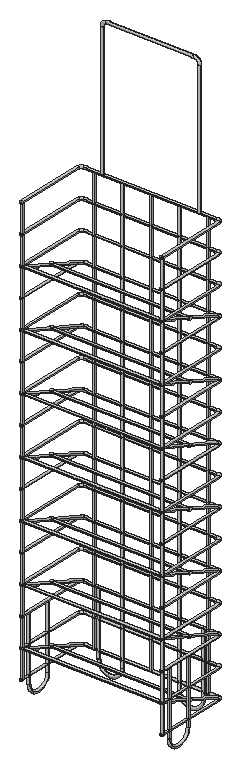
Revit family "LD", category Specialty Equipment, Revit 2012
Parameters (values of type "Freestanding Bottle Display (Default)")
  URL = "http://madixinc.com/display/freestanding.html"
  Model = "Freestanding Bottle Display"
  Manufacturer = "© 2012 Madix, Inc. All rights reserved."
Reference planes (in)
  plane 1 "Center (Front/Back)": y = 0
  plane 2: z = 0
  plane 3 "Center (Left/Right)": x = 0
  plane 4: y = 4.5
  plane 5: y = -4.5
  plane 6: x = -7.5
  plane 7: x = 7.5
  plane 8: y = 3.5
  plane 9: y = 7.75
  plane 10: z = 48.25
  plane 11: z = 6
  plane 12: z = 5
  plane 13: x = -6.5
  plane 14: x = 6.5
  plane 15: z = 47.25
  plane 16: x = 5.5
  plane 17: x = -5.5
  plane 18: z = 8
Forms (in)
  Sweep 1, solid, material "Metal - Steel"
    path origin (0, 0, 0) x (1, 0, 0) y (0, 1, 0)
      loop
        line (-7.5, -4.5) -> (-7.5, 3)
        arc (-7.5, 3) -> (-7.35355, 3.35355) -> (-7, 3.5) r 0.5
        line (-7, 3.5) -> (7, 3.5)
        arc (7, 3.5) -> (7.35355, 3.35355) -> (7.5, 3) r 0.5
        line (7.5, 3) -> (7.5, -4.5)
    profile origin (-7.5, -0.75, 0) x (-1, 0, 0) y (0, 0, 1)
      loop
        circle (-0.125, 2) r 0.125
      loop
        circle (-0.125, 5) r 0.125
      loop
        circle (-0.125, 8) r 0.125
      loop
        circle (-0.125, 11) r 0.125
      loop
        circle (-0.125, 14) r 0.125
      loop
        circle (-0.125, 17) r 0.125
      loop
        circle (-0.125, 20) r 0.125
      loop
        circle (-0.125, 23) r 0.125
      loop
        circle (-0.125, 26) r 0.125
      loop
        circle (-0.125, 29) r 0.125
      loop
        circle (-0.125, 32) r 0.125
      loop
        circle (-0.125, 35) r 0.125
      loop
        circle (-0.125, 38) r 0.125
      loop
        circle (-0.125, 41) r 0.125
      loop
        circle (-0.125, 44) r 0.125
      loop
        circle (-0.125, 47) r 0.125
  Extrusion 2, solid, material "Metal - Steel"
    sketch origin (0, 0, 0) x (1, 0, 0) y (0, 1, 0)
      loop
        circle (-7.375, -4.375) r 0.125
      loop
        circle (0, 3.375) r 0.125
      loop
        circle (-3, 3.375) r 0.125
      loop
        circle (-6, 3.375) r 0.125
      loop
        circle (7.375, -4.375) r 0.125
      loop
        circle (3, 3.375) r 0.125
      loop
        circle (6, 3.375) r 0.125
    from 2 to 46.99578
  Sweep 3, solid, material "Metal - Steel"
    path origin (0, 0, 0) x (0, 1, 0) y (0, 0, 1)
      loop
        line (-4.375, 5) -> (3.375, 2)
    profile origin (0, -0.5, 3.5) x (0, 0.360994, 0.932568) y (1, 0, 0)
      loop
        circle (0, -7.125) r 0.125
      loop
        circle (0, 7.125) r 0.125
  Extrusion 4, solid, material "Metal - Steel"
    sketch origin (0, 0, 0) x (0, 1, 0) y (0, 0, 1)
      loop
        circle (-4.375, 5) r 0.125
      loop
        circle (-0.64068, 3.56653) r 0.12656
      loop
        circle (-4.375, 11) r 0.125
      loop
        circle (-0.64068, 9.56653) r 0.12656
      loop
        circle (-4.375, 17) r 0.125
      loop
        circle (-0.64068, 15.56653) r 0.12656
      loop
        circle (-4.375, 23) r 0.125
      loop
        circle (-0.64068, 21.56653) r 0.12656
      loop
        circle (-4.375, 29) r 0.125
      loop
        circle (-0.64068, 27.56653) r 0.12656
      loop
        circle (-4.375, 35) r 0.125
      loop
        circle (-0.64068, 33.56653) r 0.12656
      loop
        circle (-4.375, 41) r 0.125
      loop
        circle (-0.64068, 39.56653) r 0.12656
    from -7.37102 to 7.36948
  Sweep 5, solid, material "Metal - Steel"
    path origin (0, 0, 6) x (0, 1, 0) y (0, 0, 1)
      loop
        line (-4.375, 5) -> (3.375, 2)
    profile origin (0, -0.5, 9.5) x (0, 0.360994, 0.932568) y (1, 0, 0)
      loop
        circle (0, -7.125) r 0.125
      loop
        circle (0, 7.125) r 0.125
  Sweep 6, solid, material "Metal - Steel"
    path origin (0, 0, 12) x (0, 1, 0) y (0, 0, 1)
      loop
        line (-4.375, 5) -> (3.375, 2)
    profile origin (0, -0.5, 15.5) x (0, 0.360994, 0.932568) y (1, 0, 0)
      loop
        circle (0, -7.125) r 0.125
      loop
        circle (0, 7.125) r 0.125
  Sweep 7, solid, material "Metal - Steel"
    path origin (0, 0, 18) x (0, 1, 0) y (0, 0, 1)
      loop
        line (-4.375, 5) -> (3.375, 2)
    profile origin (0, -0.5, 21.5) x (0, 0.360994, 0.932568) y (1, 0, 0)
      loop
        circle (0, -7.125) r 0.125
      loop
        circle (0, 7.125) r 0.125
  Sweep 8, solid, material "Metal - Steel"
    path origin (0, 0, 24) x (0, 1, 0) y (0, 0, 1)
      loop
        line (-4.375, 5) -> (3.375, 2)
    profile origin (0, -0.5, 27.5) x (0, 0.360994, 0.932568) y (1, 0, 0)
      loop
        circle (0, -7.125) r 0.125
      loop
        circle (0, 7.125) r 0.125
  Sweep 9, solid, material "Metal - Steel"
    path origin (0, 0, 30) x (0, 1, 0) y (0, 0, 1)
      loop
        line (-4.375, 5) -> (3.375, 2)
    profile origin (0, -0.5, 33.5) x (0, 0.360994, 0.932568) y (1, 0, 0)
      loop
        circle (0, -7.125) r 0.125
      loop
        circle (0, 7.125) r 0.125
  Sweep 10, solid, material "Metal - Steel"
    path origin (0, 0, 36) x (0, 1, 0) y (0, 0, 1)
      loop
        line (-4.375, 5) -> (3.375, 2)
    profile origin (0, -0.5, 39.5) x (0, 0.360994, 0.932568) y (1, 0, 0)
      loop
        circle (0, -7.125) r 0.125
      loop
        circle (0, 7.125) r 0.125
  Sweep 11, solid, material "Metal - Steel"
    path origin (0, 0, 0) x (1, 0, 0) y (0, 0, 1)
      loop
        line (5.125, 47) -> (5.125, 61)
        arc (5.125, 61) -> (4.97855, 61.35355) -> (4.625, 61.5) r 0.5
        line (4.625, 61.5) -> (-4.625, 61.5)
        arc (-4.625, 61.5) -> (-4.97855, 61.35355) -> (-5.125, 61) r 0.5
        line (-5.125, 61) -> (-5.125, 47)
    profile origin (5.125, 0, 54) x (-1, 0, 0) y (0, -1, 0)
      loop
        circle (0, -3.375) r 0.125
  Sweep 12, solid, material "Metal - Steel"
    path origin (0, 0, 0) x (1, 0, 0) y (0, 0, 1)
      loop
        line (-3, 8) -> (-3, 1.25)
        arc (-3, 1.25) -> (-4.25, 0) -> (-5.5, 1.25) r 1.25
        line (-5.5, 1.25) -> (-5.5, 8)
    profile origin (-5.5, 0, 4.625) x (-1, 0, 0) y (0, -1, 0)
      loop
        circle (0, -3.375) r 0.125
  Sweep 13, solid, material "Metal - Steel"
    path origin (0, 0, 0) x (-1, 0, 0) y (0, 0, 1)
      loop
        line (-3, 8) -> (-3, 1.25)
        arc (-3, 1.25) -> (-4.25, 0) -> (-5.5, 1.25) r 1.25
        line (-5.5, 1.25) -> (-5.5, 8)
    profile origin (5.5, 0, 4.625) x (-1, 0, 0) y (0, -1, 0)
      loop
        circle (0, -3.375) r 0.125
  Sweep 14, solid, material "Metal - Steel"
    path origin (0, 0, 0) x (0, 1, 0) y (0, 0, 1)
      loop
        line (-1, 8) -> (-1, 1.25)
        arc (-1, 1.25) -> (-2.25, 0) -> (-3.5, 1.25) r 1.25
        line (-3.5, 1.25) -> (-3.5, 8)
    profile origin (0, -3.5, 4.625) x (0, -1, 0) y (1, 0, 0)
      loop
        circle (0, -7.375) r 0.125
      loop
        circle (0, 7.375) r 0.125
Dimensions and locks (in)
  aligned and locked: level to plane 2
